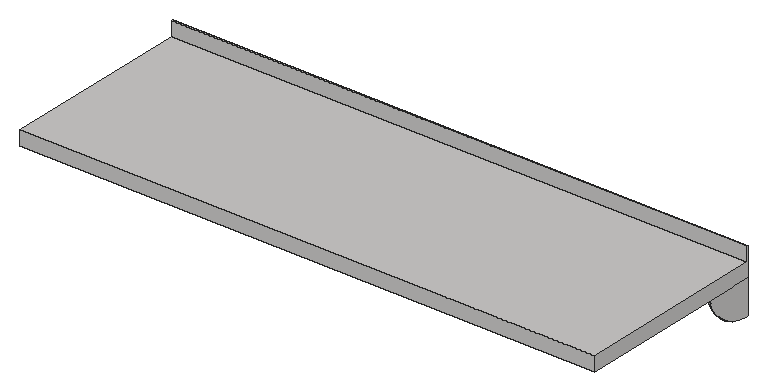
Revit family "QF_ELECTROLUXPROFESSIONAL_132824_WSS124N", category Attrezzature speciali, Revit 2020
Family settings
  Quota connettore circolare = Usa diametro
  Tipo di parte = Normale
  Basato su piano di lavoro = No
  Sempre verticale = Sì
  Taglio con vuoti quando caricato = No
  Condiviso = No
  Punto di calcolo locali = No
Parameters (values of type "Standard")
  Weight = 5.00 kg
  Watts = 0 W
  Volts = 0 V
  URL Manufacturer = "https://www.electroluxprofessional.com/"
  URL = "https://www.electroluxprofessional.com/"
  Steam Supply Size = 0 mm
  Steam Supply Minimum Pressure = 0.0 Pa
  Steam Supply Maximum Pressure = 0.0 Pa
  Steam Consumption per Hour = 0
  Refrigeration Suction Line Size = 0.0 mm
  Refrigeration Liquid Line Size = 0.0 mm
  Refrigerant Compressor Remote = yes
  Prospetto di default = 0.0 mm
  Produttore = "Electrolux Professional"
  Phase = 0
  Modello = "WSS124N"
  Length Actual = 1200.0 mm  # constant formula
  Item Number = "132824"
  Hot Water Size = 0 mm
  Height Actual = 30.0 mm  # constant formula
  HP = "0 HP"
  Gas Size = 0 mm
  Gas KW = 0
  Gas Input Pressure = 0 W
  Direct Waste Size = 0 mm
  Descrizione = "SOLID WALL SHELF WITH BRACKETS 1200 MM"
  Depth Actual = 400.0 mm  # constant formula
  Cycle = 0 Hz
  Condensate Return Size = 0 mm
  Compressed Air Volume = 0.0 L/s
  Compressed Air Size = 0 mm
  Compressed Air Pressure = 0.0 Pa
  Cold Water Size = 0 mm
  Accessory = yes
Reference planes
  plane 1 "Center (Front/Back)": y = 0
  plane 2: z = 0
  plane 3 "Center (Left/Right)": x = -100
  plane 4 "LEFT": x = -700
  plane 5 "RIGHT": x = 500
  plane 6 "BACK": y = 50
  plane 7 "FRONT": y = -350
  plane 8 "TOP": z = 132
  plane 9: z = 102
  plane 10: z = 72
Forms (mm)
  Extrusion 1, solid, material "QF_Finishes_Stainless Steel"
    sketch origin (-100, 0, 0) x (0, 1, 0) y (0, 0, 1)
      loop
        line (48, 102) -> (-350, 102) -> (-350, 72) -> (50, 72) -> (50, 132) -> (48, 132) -> (48, 102)
    from 600 to -600
  Extrusion 2, solid, material "QF_Finishes_Stainless Steel"
    sketch origin (-700, 0, 0) x (0, 1, 0) y (0, 0, 1)
      loop
        line (50, 72) -> (-50, 72)
        arc (-50, 72) -> (-13.401, 19.967) -> (47, 0) r 101.34
        line (47, 0) -> (50, 0) -> (50, 72)
    from 0 to 3
  Extrusion 3, solid, material "QF_Finishes_Stainless Steel"
    sketch origin (500, 0, 0) x (0, 1, 0) y (0, 0, 1)
      loop
        line (50, 72) -> (-50, 72)
        arc (-50, 72) -> (-13.401, 19.967) -> (47, 0) r 101.34
        line (47, 0) -> (50, 0) -> (50, 72)
    from 0 to -3
  Extrusion 4, solid, material "QF_Finishes_Stainless Steel"
    sketch origin (0, 50, 0) x (-1, 0, 0) y (0, 0, 1)
      loop
        line (697, 72) -> (670, 72) -> (670, 0) -> (697, 0) -> (697, 72)
      loop
        arc (678.5, 10) -> (675.5, 7) -> (678.5, 4) r 3
        line (678.5, 4) -> (688.5, 4)
        arc (688.5, 4) -> (691.5, 7) -> (688.5, 10) r 3
        line (688.5, 10) -> (678.5, 10)
    from 0 to -3
  Extrusion 5, solid, material "QF_Finishes_Stainless Steel"
    sketch origin (0, 50, 0) x (1, 0, 0) y (0, 0, -1)
      loop
        line (497, -72) -> (497, 0) -> (470, 0) -> (470, -72) -> (497, -72)
      loop
        line (478.5, -10) -> (488.5, -10)
        arc (488.5, -10) -> (491.5, -7) -> (488.5, -4) r 3
        line (488.5, -4) -> (478.5, -4)
        arc (478.5, -4) -> (475.5, -7) -> (478.5, -10) r 3
    from 0 to -3
Lines and regions (mm)
  symbolic lines
    curve 1: line (500, 50, 132) -> (-700, 50, 132)
    curve 2: line (-700, 50, 132) -> (-700, -350, 132)
    curve 3: line (-700, -350, 132) -> (500, -350, 132)
    curve 4: line (500, -350, 132) -> (500, 50, 132)
    curve 5: line (500, 48, 132) -> (-700, 48, 132)
Dimensions and locks
  plane 4 "LEFT" to plane 5 "RIGHT" = 1200.0 mm
  equal spacing: plane 4 "LEFT", plane 3 "Center (Left/Right)", plane 5 "RIGHT"
  locked: plane 8 "TOP" to level at 132
  plane 6 "BACK" to plane 7 "FRONT" = 400.0 mm
  plane 6 "BACK" to plane 1 "Center (Front/Back)" to plane 7 "FRONT" = 50.0 mm, 350.0 mm
  locked: plane 8 "TOP" to plane 9 at 30
  plane 9 to plane 10 = 30.0 mm
  locked: Extrusion 4 sketch curve to Extrusion 2 at 27
  aligned and locked: level to plane 2
  aligned and locked: Extrusion 1 to plane 4 "LEFT"
  aligned and locked: plane 5 "RIGHT" to Extrusion 1
  aligned and locked: curve 2 to plane 4 "LEFT"
  aligned and locked: Extrusion 1 sketch curve to plane 9
  aligned and locked: Extrusion 4 sketch curve to Extrusion 2
  aligned and locked: Extrusion 4 sketch curve to Extrusion 1
  aligned and locked: Extrusion 4 sketch curve to level
  aligned and locked: plane 6 "BACK" to Extrusion 3 sketch curve
  aligned and locked: Extrusion 3 sketch curve to plane 10
  aligned and locked: Extrusion 3 sketch curve to level
  aligned and locked: plane 6 "BACK" to Extrusion 2 sketch curve
  aligned and locked: Extrusion 2 sketch curve to plane 10
  aligned and locked: Extrusion 2 sketch curve to level
Automatic sketch dimensions
  Extrusion 1 sketch curve to plane 7 "FRONT" = 0.0 mm
  Extrusion 1 sketch curve to plane 8 "TOP" = 0.0 mm
  Extrusion 1 sketch curve to plane 6 "BACK" = 0.0 mm
  Extrusion 1 sketch curve to plane 10 = 0.0 mm
  Extrusion 1 sketch curve to plane 6 "BACK" = 2.0 mm
  Extrusion 2 sketch curve to Extrusion 2 sketch curve = 3.0 mm
  plane 1 "Center (Front/Back)" to Extrusion 2 sketch curve = 50.0 mm
  Extrusion 3 sketch curve to Extrusion 3 sketch curve = 3.0 mm
  plane 1 "Center (Front/Back)" to Extrusion 3 sketch curve = 50.0 mm
  Extrusion 4 sketch curve to Extrusion 4 sketch curve = 8.5 mm
  Extrusion 4 sketch curve to Extrusion 4 sketch curve = 10.0 mm
  level to Extrusion 4 sketch curve = 4.0 mm
  Extrusion 4 sketch curve to Extrusion 4 sketch curve = 3.0 mm
  curve 3 to plane 7 "FRONT" = 0.0 mm
  curve 5 to plane 5 "RIGHT" = 0.0 mm
  curve 4 to plane 6 "BACK" = 0.0 mm
  curve 5 to plane 6 "BACK" = 2.0 mm
  Extrusion 5 sketch curve to plane 10 = 0.0 mm
  Extrusion 5 sketch curve to level = 0.0 mm
  plane 5 "RIGHT" to Extrusion 5 sketch curve = 30.0 mm
  Extrusion 5 sketch curve to Extrusion 5 sketch curve = 8.5 mm
  Extrusion 5 sketch curve to Extrusion 5 sketch curve = 10.0 mm
  plane 5 "RIGHT" to Extrusion 5 sketch curve = 3.0 mm
  Extrusion 5 sketch curve to level = 4.0 mm
  Extrusion 5 sketch curve to Extrusion 5 sketch curve = 3.0 mm
